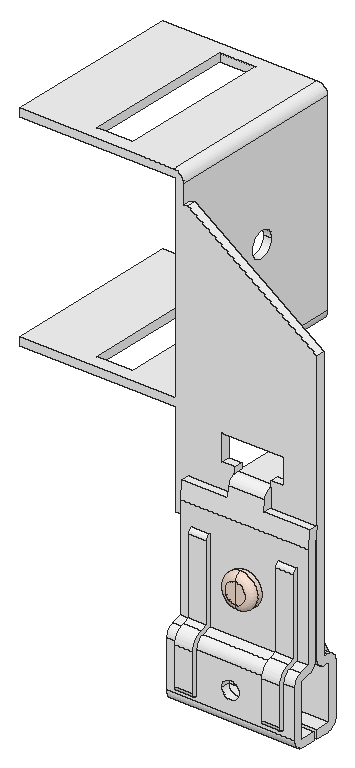
Revit family "CTハンガーH=38アキ左", category 機械設備, Revit 2020
Family settings
  丸型コネクタ寸法 = 直径を使用
  種別 = なし
  パーツ タイプ = 標準
  作業面ベース = いいえ
  常に垂直 = はい
  ロード時にボイドで切り取り = いいえ
  共有 = いいえ
  部屋計算ポイント = いいえ
Parameters
  製造元 = "株式会社桐井製作所"
  既定の高さ = 0 mm
  URL = "https://www.kirii.co.jp/"
  K_材質 = "溶融亜鉛めっき鋼板及び鋼帯 SGCC 一般用"
  K_品名 = "CTハンガーH＝38アキ左"
  K_名称 = "CTハンガー"
  K_入数 = "170"
  K_備考 = "対象Tバー：eT4025、eAT4025"
  K_バージョン情報 = "20220915"
  K_めっき付着量 = "Z12"
  K_JIS規格 = "JIS G 3302"
Reference planes
  plane 1 "中心(正面/背面)": y = 0
  plane 2: z = 0
  plane 3 "中心(左/右)": x = 0
Forms (mm)
  Extrusion 1, void
    sketch origin (0, -1.2, 0) x (-1, 0, 0) y (0, 0, 1)
      loop
        line (-6, 31.356) -> (-6, 26.343) -> (-3.5, 26.343) -> (-3.5, 21.356) -> (3.5, 21.356) -> (3.5, 26.343) -> (6, 26.343) -> (6, 31.356) -> (-6, 31.356)
    from 1.2 to 2.8
  Extrusion 2, void
    sketch origin (0, 0.4, 0) x (1, 0, 0) y (0, 0, 1)
      loop
        line (-13.5, 14.356) -> (-15.1, 14.356) -> (-15.1, -15.644) -> (-12.5, -15.644) -> (-12.5, 13.356)
        arc (-12.5, 13.356) -> (-12.793, 14.063) -> (-13.5, 14.356) r 1
    from -4.2 to 5.8
  Extrusion 3, solid, material "05吊り材"
    sketch origin (0, 1.2, 0) x (0, 1, 0) y (0, 0, -1)
      loop
        line (1.8, 3.544) -> (0.8, 3.544)
        arc (0.8, 3.544) -> (-0.614, 2.958) -> (-1.2, 1.544) r 2
        line (-1.2, 1.544) -> (-1.2, -68.759) -> (0.4, -68.759) -> (0.4, -11.856) -> (0.4, 1.944) -> (1.4, 1.944)
        arc (1.4, 1.944) -> (2.814, 2.53) -> (3.4, 3.944) r 2
        line (3.4, 3.944) -> (3.4, 13.644)
        arc (3.4, 13.644) -> (2.814, 15.058) -> (1.4, 15.644) r 2
        line (1.4, 15.644) -> (-1.2, 15.644) -> (-1.2, 14.044) -> (1.8, 14.044) -> (1.8, 3.544)
    from -12.5 to 15.1
  Extrusion 4, solid, material "05吊り材"
    sketch origin (16, 1.2, 0) x (0, 1, 0) y (0, 0, -1)
      loop
        line (1.3, -12.456) -> (1.3, 1.087) -> (2.095, 1.087)
        arc (2.095, 1.087) -> (3.685, 2.14) -> (4.3, 3.944) r 2.953
        line (4.3, 3.944) -> (4.3, 11.744)
        arc (4.3, 11.744) -> (4.036, 12.38) -> (3.4, 12.644) r 0.9
        line (3.4, 12.644) -> (3.4, 3.944)
        arc (3.4, 3.944) -> (2.814, 2.53) -> (1.4, 1.944) r 2
        line (1.4, 1.944) -> (0.4, 1.944) -> (0.4, -13.356)
        arc (0.4, -13.356) -> (1.036, -13.093) -> (1.3, -12.456) r 0.9
      loop
        line (-4, 1.245) -> (-4, -13.556)
        arc (-4, -13.556) -> (-3.766, -14.122) -> (-3.2, -14.356) r 0.8
        line (-3.2, -14.356) -> (-3.2, 1.844) -> (-5.093, 2.4)
        arc (-5.093, 2.4) -> (-6.181, 3.157) -> (-6.6, 4.415) r 2.1
        line (-6.6, 4.415) -> (-6.6, 12.644)
        arc (-6.6, 12.644) -> (-7.166, 12.409) -> (-7.4, 11.844) r 0.8
        line (-7.4, 11.844) -> (-7.4, 4.415)
        arc (-7.4, 4.415) -> (-6.822, 2.678) -> (-5.318, 1.633) r 2.9
        line (-5.318, 1.633) -> (-4, 1.245)
    from 5.75 to 9.25
  Extrusion 5, void
    sketch origin (0, -42.1, 50.967) x (1, 0, 0) y (0, 0, -1)
      loop
        line (-3.5, 25.623) -> (-3.5, 29.342) -> (-12.5, 29.342) -> (-12.5, 25.623) -> (-3.5, 25.623)
      loop
        line (12.5, 25.623) -> (12.5, 29.342) -> (3.5, 29.342) -> (3.5, 25.623) -> (12.5, 25.623)
    from 40.1 to 51.2
  Extrusion 6, solid, material "05吊り材"
    sketch origin (0, 1.2, 0) x (0, 1, 0) y (0, 0, -1)
      loop
        line (-5, 4.041) -> (-5, 14.044) -> (-2, 14.044) -> (-2, 15.644) -> (-4.5, 15.644)
        arc (-4.5, 15.644) -> (-5.985, 15.029) -> (-6.6, 13.544) r 2.1
        line (-6.6, 13.544) -> (-6.6, 4.415)
        arc (-6.6, 4.415) -> (-6.181, 3.157) -> (-5.093, 2.4) r 2.1
        line (-5.093, 2.4) -> (-3.2, 1.844) -> (-3.2, -18.356) -> (-2.659, -23.655)
        arc (-2.659, -23.655) -> (-1.932, -24.867) -> (-0.6, -25.343) r 2.1
        line (-0.6, -25.343) -> (7.9, -25.343) -> (7.9, -23.756) -> (-0.6, -23.756)
        arc (-0.6, -23.756) -> (-0.954, -23.61) -> (-1.1, -23.256) r 0.5
        line (-1.1, -23.256) -> (-1.6, -18.356) -> (-1.6, 1.47)
        arc (-1.6, 1.47) -> (-2.019, 2.728) -> (-3.107, 3.484) r 2.1
        line (-3.107, 3.484) -> (-5, 4.041)
    from -12.5 to 12.5
  Extrusion 7, solid, material "05吊り材"
    sketch origin (-1, 1.2, 0) x (0, 1, 0) y (0, 0, -1)
      loop
        line (1.3, -12.456) -> (1.3, 1.087) -> (2.095, 1.087)
        arc (2.095, 1.087) -> (3.685, 2.14) -> (4.3, 3.944) r 2.953
        line (4.3, 3.944) -> (4.3, 11.744)
        arc (4.3, 11.744) -> (4.036, 12.38) -> (3.4, 12.644) r 0.9
        line (3.4, 12.644) -> (3.4, 3.944)
        arc (3.4, 3.944) -> (2.814, 2.53) -> (1.4, 1.944) r 2
        line (1.4, 1.944) -> (0.4, 1.944) -> (0.4, -13.356)
        arc (0.4, -13.356) -> (1.036, -13.093) -> (1.3, -12.456) r 0.9
      loop
        line (-4, 1.245) -> (-4, -13.556)
        arc (-4, -13.556) -> (-3.766, -14.122) -> (-3.2, -14.356) r 0.8
        line (-3.2, -14.356) -> (-3.2, 1.844) -> (-5.093, 2.4)
        arc (-5.093, 2.4) -> (-6.181, 3.157) -> (-6.6, 4.415) r 2.1
        line (-6.6, 4.415) -> (-6.6, 12.644)
        arc (-6.6, 12.644) -> (-7.166, 12.409) -> (-7.4, 11.844) r 0.8
        line (-7.4, 11.844) -> (-7.4, 4.415)
        arc (-7.4, 4.415) -> (-6.822, 2.678) -> (-5.318, 1.633) r 2.9
        line (-5.318, 1.633) -> (-4, 1.245)
    from 5.75 to 9.25
  Extrusion 8, solid, material "05吊り材"
    sketch origin (16, 1.2, 0) x (0, 1, 0) y (0, 0, -1)
      loop
        line (1.3, -12.456) -> (1.3, 1.087) -> (2.095, 1.087)
        arc (2.095, 1.087) -> (3.685, 2.14) -> (4.3, 3.944) r 2.953
        line (4.3, 3.944) -> (4.3, 11.744)
        arc (4.3, 11.744) -> (4.036, 12.38) -> (3.4, 12.644) r 0.9
        line (3.4, 12.644) -> (3.4, 3.944)
        arc (3.4, 3.944) -> (2.814, 2.53) -> (1.4, 1.944) r 2
        line (1.4, 1.944) -> (0.4, 1.944) -> (0.4, -13.356)
        arc (0.4, -13.356) -> (1.036, -13.093) -> (1.3, -12.456) r 0.9
      loop
        line (-4, 1.245) -> (-4, -13.556)
        arc (-4, -13.556) -> (-3.766, -14.122) -> (-3.2, -14.356) r 0.8
        line (-3.2, -14.356) -> (-3.2, 1.844) -> (-5.093, 2.4)
        arc (-5.093, 2.4) -> (-6.181, 3.157) -> (-6.6, 4.415) r 2.1
        line (-6.6, 4.415) -> (-6.6, 12.644)
        arc (-6.6, 12.644) -> (-7.166, 12.409) -> (-7.4, 11.844) r 0.8
        line (-7.4, 11.844) -> (-7.4, 4.415)
        arc (-7.4, 4.415) -> (-6.822, 2.678) -> (-5.318, 1.633) r 2.9
        line (-5.318, 1.633) -> (-4, 1.245)
    from 5.75 to 9.25
  Extrusion 9, solid, material "05吊り材"
    sketch origin (0, 35, 17.9) x (1, 0, 0) y (0, 0, 1)
      loop
        line (-45.5, 56.456) -> (-45.5, 54.856) -> (-15.1, 54.856) -> (-15.1, 16.456) -> (-45.5, 16.456) -> (-45.5, 14.856) -> (-15.5, 14.856)
        arc (-15.5, 14.856) -> (-14.086, 15.442) -> (-13.5, 16.856) r 2
        line (-13.5, 16.856) -> (-13.5, 54.456)
        arc (-13.5, 54.456) -> (-14.086, 55.87) -> (-15.5, 56.456) r 2
        line (-15.5, 56.456) -> (-45.5, 56.456)
    from 0 to 35
  Extrusion 10, void
    sketch origin (0, 36.563, 17.9) x (0, 1, 0) y (0, 0, 1)
      loop
        circle (-17.5, 35.456) r 2.5
    from -15.1 to -13.5
  Extrusion 11, void
    sketch origin (0, 33.438, 17.9) x (1, 0, 0) y (0, 1, 0)
      loop
        line (-32.5, -0.9) -> (-32.5, -30.9) -> (-25.5, -30.9) -> (-25.5, -0.9) -> (-32.5, -0.9)
    from 54.856 to 56.456
  Extrusion 12, void
    sketch origin (0, 33.438, -22.1) x (1, 0, 0) y (0, 1, 0)
      loop
        line (-32.5, -0.9) -> (-32.5, -30.9) -> (-25.5, -30.9) -> (-25.5, -0.9) -> (-32.5, -0.9)
    from 54.856 to 56.456
  Extrusion 13, void
    sketch origin (0, 0.4, 17.303) x (1, 0, 0) y (0, 0, 1)
      loop
        line (-12.638, 51.456) -> (12.5, 34.053) -> (12.5, 51.456) -> (-12.638, 51.456)
    from -1.2 to 0.4
  Extrusion 14, void
    sketch origin (0.011, -1.2, 0.919) x (-1, 0, 0) y (0, 0, 1)
      loop
        circle (0, 6.373) r 2.5
    from -0.8 to 3.2
  Extrusion 15, solid, material "アルミニウム"
    sketch origin (0, 1.2, 0.846) x (-1, 0, 0) y (0, 0, -1)
      loop
        circle (0, -6.436) r 4.1
      loop
        circle (0, -6.436) r 2.499
    from -1.8 to 0
  Extrusion 16, solid, material "05吊り材"
    sketch origin (0, 0, 0) x (0, 1, 0) y (0, 0, 1)
      loop
        line (11, 35.956) -> (0, 35.956) -> (0, 14.356) -> (4.726, 14.356) -> (11, 35.956)
    from -15.1 to -13.5
  Extrusion 17, void
    sketch origin (0, 0, 0) x (1, 0, 0) y (0, 0, 1)
      loop
        circle (0, -9.144) r 1.75
    from 3.8 to 5.4
  Extrusion 18, void
    sketch origin (0, 8.4, 0) x (1, 0, 0) y (0, 0, 1)
      loop
        circle (0, -9.144) r 1.75
    from 3.8 to 5.4
Cuts and joins
  Extrusion 5, Extrusion 14, Extrusion 17, Extrusion 18 cuts Extrusion 6
  joined: Extrusion 4, Extrusion 6
  Extrusion 1, Extrusion 2, Extrusion 13, Extrusion 14, Extrusion 18 cuts Extrusion 3
  Extrusion 10, Extrusion 11, Extrusion 12 cuts Extrusion 9
  joined: Extrusion 3, Extrusion 7, Extrusion 8, Extrusion 9, Extrusion 16
Dimensions and locks
  aligned and locked: level to plane 2
Nested families
  nested 1: "直吊りハンガー用ビス" at (0, -1.966, 7.283) x (-1, 0, 0) z (0, 0, 1), type "直吊りハンガー用ビス"
Definition of nested family "直吊りハンガー用ビス"
  Parameters (values of type "直吊りハンガー用ビス")
    Manufacturer = "株式会社桐井製作所"
    Default Elevation = 0 mm
    URL = "https://www.kirii.co.jp/"
    K_名称 = "M6×25ボルト"
  Reference planes
    plane 1 "中心(正面/背面)": y = 0
    plane 2: z = 0
    plane 3 "中心(左/右)": x = 0
    plane 4 "正面": y = -5
  Forms (mm)
    Extrusion 1, solid
      sketch origin (0, 0, 0.234) x (1, 0, 0) y (0, 0, 1)
        loop
          circle (-0.011, -0.2) r 2.5
      from 0 to -5
    Revolve 2, solid
      sketch origin (0, 0, 0) x (0, 1, 0) y (0, 0, 1)
        loop
          line (0, 0) -> (-2.299, 0) -> (-2.299, -1.966)
          arc (-2.299, -1.966) -> (-1.904, -2.921) -> (-0.949, -3.316) r 1.35
          line (-0.949, -3.316) -> (0, -3.316) -> (0, 0)
        axis (0, 0) -> (-2.299, 0)
      angle from 0 to 360
  Cuts and joins
    joined: Extrusion 1, Revolve 2
  Dimensions and locks
    aligned and locked: level to plane 2
